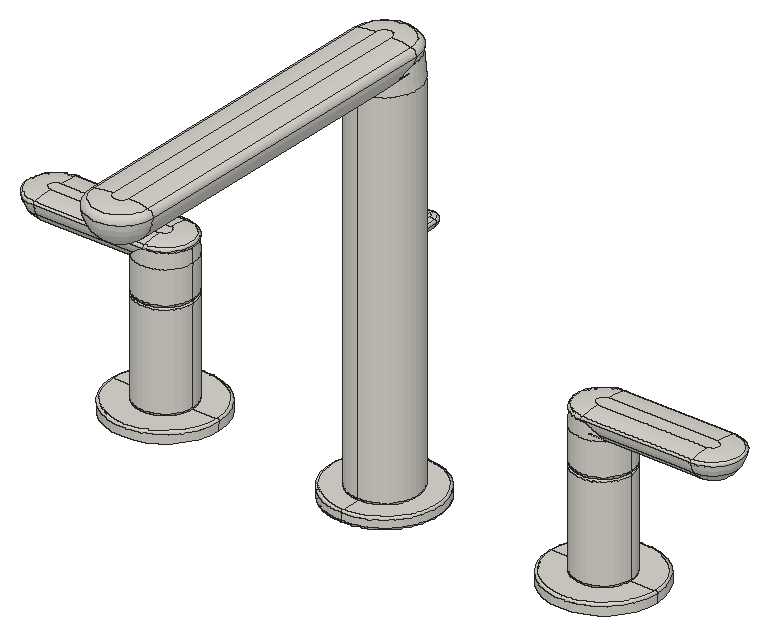
Revit family "Faucet-Deck_Mount-Bath-KALLISTA-002-P34120-1", category Plumbing Fixtures, host Face, Revit 2021
Family settings
  Host = Face
  Round Connector Dimension = Use Diameter
  Part Type = Normal
  OmniClass Number = 23.31.11.00
  OmniClass Title = Faucets
  Cut with Voids When Loaded = No
  Shared = No
  Room Calculation Point = No
Parameters (values of type "SN-Polished Nickel")
  Width [instance] = Faucet Hole Spacing  # 8"
  WaterSense Certified = 1 = 0  # no
  Waste Water Outlet = "Waste Water Outlet"  # constant formula
  Waste Connection = 1 = 0  # no
  Vent Connection = 1 = 0  # no
  URL = "https://www.kallista.com/"
  Type = 5
  Spout Reach = 5.35039"  # constant formula
  Product Page URL = "https://www.kallista.com/products/luxury-bathroom/faucets/sink-faucets/002-widespread-sink-faucet-tall-spout-lever-handles-p34120-lv/sn-polished-nickel"
  Product Name = "002"  # constant formula
  Product Documentation Link = "https://resources.kohler.com/interiors/kallista/pdf/P34120-LV_spec_US-CA_Kallista_en.pdf"
  Pressure = 0.00 psi
  Model = if(Type = 1, "P34120-LV-BAF", if(Type = 2, "P34120-LV-BL", if(Type = 3, "P34120-LV-BN", if(Type = 4, "P34120-LV-CP", if(Type = 5, "P34120-LV-SN", if(Type = 6, "P34120-LV-2MB", "NA"))))))  # "P34120-LV-SN"
  Material = "Premium Metal Construction"  # constant formula
  Master Format 2014 Name = "Residential Faucets, Supplies, and Trim"  # constant formula
  Master Format 2014 = "22 41 39"  # constant formula
  Manufacturer Address = "444 Highland Dr, Kohler, WI 53044"  # constant formula
  Manufacturer = "Kallista Co."  # constant formula
  Length = Spout Reach  # 5.35039"
  Hot Water Inlet = "Hot Water Inlet"  # constant formula
  Height = 7.54528"  # constant formula
  Handle Clearance = 2.50394"  # constant formula
  HW Connection = 1 = 1  # yes
  Flow Rate = 1.2 GPM  # constant formula
  Finish = Kallista-Metal-SN-Polished_Nickel
  Faucet Hole Spacing [instance] = 8"
  Environmental Product Declaration = ""
  Drain Included = 1 = 1  # yes
  Description = "Capsule Widespread Sink Faucet Tall"  # constant formula
  Default Elevation = 36"
  Declare Label = ""
  Date Modified = "12/31/2024"  # constant formula
  Date Created = "11/29/2023"  # constant formula
  Copyright = "Copyright Kallista Co."  # constant formula
  Contact Us = "https://www.kallista.com/corporate/contact-us/"
  Cold Water Inlet = "Cold Water Inlet"  # constant formula
  CW Connection = 1 = 1  # yes
  Assembly Code = "D2010"
  ADA Compliant = 1 = 0  # no
Types (7): name | Type | Product Page URL | Model | Finish
  (no name) | 5 | "https://www.kallista.com/products/luxury-bathroom/faucets/sink-faucets/002-widespread-sink-faucet-tall-spout-lever-handles-p34120-lv/sn-polished-nickel" | "P34120-LV-SN" | Kallista-Metal-SN-Polished_Nickel
  BAF-Brushed French Gold | 1 | "https://www.kallista.com/products/luxury-bathroom/faucets/sink-faucets/002-widespread-sink-faucet-tall-spout-lever-handles-p34120-lv/baf-brushed-french-gold" | "P34120-LV-BAF" | Kallista-Metal-BAF-Brushed_French_Gold
  BN-Brushed Nickel | 3 | "https://www.kallista.com/products/luxury-bathroom/faucets/sink-faucets/002-widespread-sink-faucet-tall-spout-lever-handles-p34120-lv/bn-brushed-nickel" | "P34120-LV-BN" | Kallista-Metal-BN-Brushed_Nickel
  BL-Matte Black | 2 | "https://www.kallista.com/products/luxury-bathroom/faucets/sink-faucets/002-widespread-sink-faucet-tall-spout-lever-handles-p34120-lv/bl-matte-black" | "P34120-LV-BL" | Kalista-Metal-BL-Matte_Black
  SN-Polished Nickel | 5 | "https://www.kallista.com/products/luxury-bathroom/faucets/sink-faucets/002-widespread-sink-faucet-tall-spout-lever-handles-p34120-lv/sn-polished-nickel" | "P34120-LV-SN" | Kallista-Metal-SN-Polished_Nickel
  CP-Chrome | 4 | "https://www.kallista.com/products/luxury-bathroom/faucets/sink-faucets/002-widespread-sink-faucet-tall-spout-lever-handles-p34120-lv/cp-chrome" | "P34120-LV-CP" | Kallista-Metal-CP-Chrome
  2MB-Brushed Brass | 6 | "" | "P34120-LV-2MB" | Kallista-Metal-2MB-Brushed_Brass
Reference planes (in)
  plane 1 "Center (Front/Back)": y = 0
  plane 2: z = 0
  plane 3 "Center (Left/Right)": x = 0
  plane 4: x = -4
  plane 5: x = 4
  plane 6: y = 0.98425
  plane 7: y = -0.98425
  plane 8: x = -6.50394
  plane 9: x = -3.01575
  plane 10: y = 0.50394
  plane 11: y = -0.50394
  plane 12: x = -0.98425
  plane 13: x = 0.98425
  plane 14: x = 0.60039
  plane 15: x = -0.60039
  plane 16: y = -6.59843
  plane 17: y = 1.13723
  plane 18: y = 0.60202
  plane 19: x = 3.01575
  plane 20: x = 6.50394
  plane 21: x = 4.98425
  plane 22: x = -4.98425
  plane 23: x = 4.50984
  plane 24: x = 3.49016
  plane 25: z = 2.94882
  plane 26: z = 2.43701
  plane 27: x = -3.49016
  plane 28: x = -4.50984
  plane 29: y = -5.35039
  plane 30: y = -0.60228
  plane 31: z = 4.17707
  plane 32: z = 7.54528
  plane 33: z = 6.87214
Dimensions and locks (in)
  "Width": plane 4 to plane 5
  equal spacing: plane 5, plane 3 "Center (Left/Right)", plane 4
  locked: plane 23 to plane 5 at 0.50984
  locked: plane 24 to plane 5 at 0.50984
  locked: plane 21 to plane 5 at 0.98425
  locked: plane 19 to plane 5 at 0.98425
  locked: plane 4 to plane 9 at 0.98425
  locked: plane 4 to plane 22 at 0.98425
  locked: plane 4 to plane 27 at 0.50984
  locked: plane 4 to plane 28 at 0.50984
  "Length": plane 1 "Center (Front/Back)" to plane 29
  "Handle Clearance": plane 8 to plane 4
  "Handle Clearance": plane 20 to plane 5
  plane 19 to plane 21 = 1.9685"
  plane 9 to plane 22 = 1.9685"
  plane 10 to plane 11 = 1.00787"
  plane 17 to plane 16 = 7.73566"
  plane 25 to plane 2 = 2.94882"
  plane 25 to plane 26 = 0.51181"
  plane 15 to plane 14 = 1.20079"
  plane 11 to plane 10 = 1.00787"  (x2)
  plane 27 to plane 28 = 1.01969"
  plane 24 to plane 23 = 1.01969"
  plane 31 to plane 2 = 4.17707"
  "Height": plane 32 to level
  level to plane 33 = 6.87214"
  aligned and locked: plane 2 to host face
  aligned and locked: level to host face
  aligned and locked: plane 3 "Center (Left/Right)" to nested 1
  aligned and locked: plane 1 "Center (Front/Back)" to nested 1
  aligned and locked: nested 2 to plane 4
  aligned and locked: plane 1 "Center (Front/Back)" to nested 2
  aligned and locked: plane 5 to nested 3
  aligned and locked: nested 3 to plane 1 "Center (Front/Back)"
  aligned and locked: plane 25 to nested 2
  aligned and locked: plane 8 to nested 2
  aligned and locked: plane 27 to nested 2
  aligned and locked: plane 28 to nested 2
  aligned and locked: plane 26 to nested 2
  aligned and locked: plane 9 to nested 2
  aligned and locked: plane 22 to nested 2
  aligned and locked: plane 20 to nested 3
  aligned and locked: plane 25 to nested 3
  aligned and locked: nested 3 to plane 19
  aligned and locked: plane 24 to nested 3
  aligned and locked: plane 23 to nested 3
  aligned and locked: plane 21 to nested 3
  aligned and locked: plane 13 to nested 1
  aligned and locked: plane 12 to nested 1
  aligned and locked: plane 29 to nested 1
  aligned and locked: plane 17 to nested 1
  aligned and locked: plane 6 to nested 2
  aligned and locked: plane 7 to nested 2
  aligned and locked: plane 11 to nested 2
  aligned and locked: plane 10 to nested 2
  aligned and locked: plane 18 to nested 1
  aligned and locked: plane 30 to nested 1
  aligned and locked: plane 32 to nested 1
  aligned and locked: plane 31 to nested 1
Automatic sketch dimensions
  host sketch curve to host sketch curve = 96"  (x2)
Nested families (in)
  nested 1: "P34120_Faucet" at (0, 0, -0.00012), type "P34120_Faucet"
  nested 2: "P34120_Handle" at (-4, 0, 0), type "P34120_Handle"
  nested 3: "P34120_Handle" at (4, 0, 0) x (-1, 0, 0) z (0, 0, 1), type "P34120_Handle"
Connectors (in)
  piping at (-4, 0, 0), diameter 0.5, driven by "Flow Rate", driven by "HW Connection", driven by "Hot Water Inlet"
    settings: on nested 2, index 1, connector inside diameter 24", connector length 0", flow factor 0, pipe flow 1.2 GPM, pressure drop 0.00 psi, fitting loss kfactor 0, connector angle 0.00°, fixture units 0, engagement length 0", angle of deflection 0.00°, flow configuration 1, flow direction 1, fitting loss method 0, system type 19, joint type 0, gender type 0, connector reference index -1, connector utility 1, adjustable connector no, is connector primary yes, connector description "Hot Water Inlet"
  piping at (4, 0, 0), diameter 0.5, driven by "Flow Rate", driven by "CW Connection", driven by "Cold Water Inlet"
    settings: on nested 3, index 2, connector inside diameter 24", connector length 0", flow factor 0, pipe flow 1.2 GPM, pressure drop 0.00 psi, fitting loss kfactor 0, connector angle 0.00°, fixture units 0, engagement length 0", angle of deflection 0.00°, flow configuration 1, flow direction 1, fitting loss method 0, system type 20, joint type 0, gender type 0, connector reference index -1, connector utility 1, adjustable connector no, is connector primary no, connector description "Cold Water Inlet"
Definition of nested family "P34120_Faucet"
  Parameters
    Material = none
    Default Elevation = 0"
  Reference planes (in)
    plane 1 "Center (Front/Back)": y = 0
    plane 2: z = 0
    plane 3 "Center (Left/Right)": x = 0
    plane 4: x = -0.60039
    plane 5: x = 0.60039
    plane 6: x = -0.98425
    plane 7: x = 0.98425
    plane 8: y = -6.59843
    plane 9: y = -5.35039
    plane 10: z = 6.87225
    plane 11: z = 7.54539
    plane 12: y = 1.13723
    plane 13: y = 0.60202
    plane 14: y = 0.60202
    plane 15: y = -0.60228
    plane 16: z = 4.17718
    plane 17: z = 0
  Forms (in)
    Revolve 1, solid, material <- "Material", detail levels medium+fine
      sketch origin (0, 0, 0) x (0, 1, 0) y (0, 0, 1)
        loop
          line (0.00224, 0.00027) -> (0.00224, 7.32078) -> (-0.56316, 7.32078)
          arc (-0.56316, 7.32078) -> (-0.58928, 7.083) -> (-0.598, 6.84395) r 3.28046
          line (-0.598, 6.84395) -> (-0.598, 0.21036)
          arc (-0.598, 0.21036) -> (-0.59173, 0.19522) -> (-0.57659, 0.18895) r 0.02141
          line (-0.57659, 0.18895) -> (-0.94418, 0.18898)
          arc (-0.94418, 0.18898) -> (-0.96955, 0.17847) -> (-0.98006, 0.1531) r 0.03588
          line (-0.98006, 0.1531) -> (-0.98006, 0.01996)
          arc (-0.98006, 0.01996) -> (-0.9743, 0.00604) -> (-0.96038, 0.00027) r 0.01969
          line (-0.96038, 0.00027) -> (0.00224, 0.00027)
        axis (0.00224, 0.00027) -> (0.00224, 7.32078)
      angle from 0 to 360
    Sweep 2, solid, material <- "Material", detail levels medium+fine
      path origin (0, 0, 2.99582) x (1, 0, 0) y (0, 1, 0)
        loop
          line (-0.60024, 0.00203) -> (-0.60024, -6.00096)
          arc (-0.60024, -6.00096) -> (0, -6.6012) -> (0.60024, -6.00096) r 0.60024
          line (0.60024, -6.00096) -> (0.60024, 0.00203)
          arc (0.60024, 0.00203) -> (0, 0.60227) -> (-0.60024, 0.00203) r 0.60024
      profile origin (-0.60024, -2.99946, 2.99582) x (1, 0, 0) y (0, 0, 1)
        loop
          arc (0.46416, 4.54078) -> (0.28796, 4.53071) -> (0.11406, 4.5006) r 1.5454
          arc (0.11406, 4.5006) -> (0.04325, 4.45334) -> (0.02119, 4.37111) r 0.12082
          arc (0.02119, 4.37111) -> (0.15203, 4.05253) -> (0.43672, 3.85871) r 0.5988
          arc (0.43672, 3.85871) -> (0.46399, 3.85233) -> (0.49193, 3.85019) r 0.18325
          line (0.49193, 3.85019) -> (0.53955, 3.85019) -> (0.53955, 4.54078) -> (0.46416, 4.54078)
    Extrusion 3, solid, material <- "Material", detail levels medium+fine
      sketch origin (0, 0, 0) x (1, 0, 0) y (0, 1, 0)
        loop
          line (-0.06069, 0.00203) -> (-0.06069, -6.00096)
          arc (-0.06069, -6.00096) -> (0, -6.06165) -> (0.06069, -6.00096) r 0.06069
          line (0.06069, -6.00096) -> (0.06069, 0.00203)
          arc (0.06069, 0.00203) -> (0, 0.06272) -> (-0.06069, 0.00203) r 0.06069
      from 6.84601 to 7.5366
    Extrusion 4, void
      sketch origin (0, 0, 2.99377) x (1, 0, 0) y (0, 0, 1)
        loop
          arc (0.23157, 2.50894) -> (0.00051, 2.74) -> (-0.23055, 2.50894) r 0.23106
          line (-0.23055, 2.50894) -> (-0.23055, 1.16838)
          arc (-0.23055, 1.16838) -> (0.00051, 0.93732) -> (0.23157, 1.16838) r 0.23106
          line (0.23157, 1.16838) -> (0.23157, 2.50894)
      from -0.9819 to -0.09864
    Sweep 5, solid, material <- "Material", detail levels medium+fine
      path origin (0, 0.00379, 2.95973) x (1, 0, 0) y (0, 1, 0)
        loop
          arc (0.21025, 0.92497) -> (-0.00147, 1.1367) -> (-0.2132, 0.92497) r 0.21172
          line (-0.2132, 0.92497) -> (-0.2132, 0.33446)
          arc (-0.2132, 0.33446) -> (-0.00147, 0.12273) -> (0.21025, 0.33446) r 0.21172
          line (0.21025, 0.33446) -> (0.21025, 0.92497)
      profile origin (-0.00147, 1.14049, 2.95973) x (0, 1, 0) y (0, 0, 1)
        loop
          line (-0.14995, 1.03553) -> (-0.11057, 1.03553)
          arc (-0.11057, 1.03553) -> (-0.09536, 1.03807) -> (-0.08179, 1.04539) r 0.04694
          arc (-0.08179, 1.04539) -> (-0.03771, 1.09181) -> (-0.00947, 1.14925) r 0.21231
          arc (-0.00947, 1.14925) -> (-0.01259, 1.18434) -> (-0.03969, 1.20684) r 0.04583
          arc (-0.03969, 1.20684) -> (-0.07789, 1.21555) -> (-0.11696, 1.21847) r 0.26259
          line (-0.11696, 1.21847) -> (-0.14995, 1.21847) -> (-0.14995, 1.03553)
    Extrusion 6, solid, material <- "Material", detail levels medium+fine
      sketch origin (0, -0.05773, 0) x (1, 0, 0) y (0, 1, 0)
        loop
          arc (0.0603, 0.98649) -> (-0.00147, 1.04826) -> (-0.06324, 0.98649) r 0.06177
          line (-0.06324, 0.98649) -> (-0.06324, 0.39513)
          arc (-0.06324, 0.39513) -> (-0.00147, 0.33336) -> (0.0603, 0.39513) r 0.06177
          line (0.0603, 0.39513) -> (0.0603, 0.98649)
      from 3.99526 to 4.17819
    Extrusion 7, void
      sketch origin (0, 0, 0) x (1, 0, 0) y (0, 1, 0)
        loop
          arc (0.27848, -4.9152) -> (0.22083, -4.77601) -> (0.08163, -4.71835) r 0.19685
          line (0.08163, -4.71835) -> (-0.08407, -4.71835)
          arc (-0.08407, -4.71835) -> (-0.22326, -4.77601) -> (-0.28092, -4.9152) r 0.19685
          line (-0.28092, -4.9152) -> (-0.28092, -5.78125)
          arc (-0.28092, -5.78125) -> (-0.22326, -5.92044) -> (-0.08407, -5.9781) r 0.19685
          line (-0.08407, -5.9781) -> (0.08163, -5.9781)
          arc (0.08163, -5.9781) -> (0.22083, -5.92044) -> (0.27848, -5.78125) r 0.19685
          line (0.27848, -5.78125) -> (0.27848, -4.9152)
      from 6.32613 to 7.18576
    Extrusion 8, solid, detail levels medium+fine
      sketch origin (0, 0, 0) x (1, 0, 0) y (0, 1, 0)
        loop
          line (-0.2674, -4.89845) -> (-0.2674, -5.79909)
          arc (-0.2674, -5.79909) -> (-0.2223, -5.90796) -> (-0.11343, -5.95306) r 0.15397
          line (-0.11343, -5.95306) -> (0.11435, -5.95306)
          arc (0.11435, -5.95306) -> (0.22255, -5.90824) -> (0.26737, -5.80004) r 0.15302
          line (0.26737, -5.80004) -> (0.26737, -4.89883)
          arc (0.26737, -4.89883) -> (0.22154, -4.78819) -> (0.1109, -4.74237) r 0.15647
          line (0.1109, -4.74237) -> (-0.11132, -4.74237)
          arc (-0.11132, -4.74237) -> (-0.22168, -4.78808) -> (-0.2674, -4.89845) r 0.15608
      from 6.75297 to 7.18576
    Extrusion 9, void
      sketch origin (0, 0, 2.99109) x (0, 1, 0) y (0, 0, 1)
        loop
          line (-4.91435, 3.91353) -> (-5.7901, 3.91353)
          arc (-5.7901, 3.91353) -> (-5.88598, 3.89722) -> (-5.97108, 3.85014) r 0.29005
          line (-5.97108, 3.85014) -> (-5.97108, 3.65337) -> (-4.72516, 3.65337) -> (-4.72516, 3.85022)
          arc (-4.72516, 3.85022) -> (-4.8146, 3.89728) -> (-4.91435, 3.91353) r 0.31434
      from -0.53735 to 0.77841
    Extrusion 10, void
      sketch origin (0, 0, 0) x (1, 0, 0) y (0, 1, 0)
        loop
          line (-0.16109, -4.99775) -> (-0.16109, -5.69779)
          arc (-0.16109, -5.69779) -> (-0.00072, -5.85817) -> (0.15965, -5.69779) r 0.16037
          line (0.15965, -5.69779) -> (0.15965, -4.99775)
          arc (0.15965, -4.99775) -> (-0.00072, -4.83738) -> (-0.16109, -4.99775) r 0.16037
        loop
          line (-0.14109, -4.99126) -> (-0.14109, -5.70268)
          arc (-0.14109, -5.70268) -> (-0.00134, -5.84242) -> (0.13841, -5.70268) r 0.13975
          line (0.13841, -5.70268) -> (0.13841, -4.99126)
          arc (0.13841, -4.99126) -> (-0.00134, -4.85151) -> (-0.14109, -4.99126) r 0.13975
      from 6.84601 to 7.18576
    Extrusion 11, void
      sketch origin (0, 0, 0) x (1, 0, 0) y (0, 1, 0)
        loop
          line (-0.09506, -4.95414) -> (-0.09506, -5.00169) -> (-0.0562, -5.00169) -> (-0.0562, -4.95414) -> (-0.09506, -4.95414)
        loop
          line (-0.09506, -5.01713) -> (-0.09506, -5.06468) -> (-0.0562, -5.06468) -> (-0.0562, -5.01713) -> (-0.09506, -5.01713)
        loop
          line (-0.09506, -5.08051) -> (-0.09506, -5.12807) -> (-0.0562, -5.12807) -> (-0.0562, -5.08051) -> (-0.09506, -5.08051)
        loop
          line (-0.09506, -5.1439) -> (-0.09506, -5.19146) -> (-0.0562, -5.19146) -> (-0.0562, -5.1439) -> (-0.09506, -5.1439)
        loop
          line (-0.09506, -5.20729) -> (-0.09506, -5.25484) -> (-0.0562, -5.25484) -> (-0.0562, -5.20729) -> (-0.09506, -5.20729)
        loop
          line (-0.09506, -5.27067) -> (-0.09506, -5.31823) -> (-0.0562, -5.31823) -> (-0.0562, -5.27067) -> (-0.09506, -5.27067)
        loop
          line (-0.09506, -5.33406) -> (-0.09506, -5.38161) -> (-0.0562, -5.38161) -> (-0.0562, -5.33406) -> (-0.09506, -5.33406)
        loop
          line (-0.09506, -5.39744) -> (-0.09506, -5.445) -> (-0.0562, -5.445) -> (-0.0562, -5.39744) -> (-0.09506, -5.39744)
        loop
          line (-0.09506, -5.46083) -> (-0.09506, -5.50839) -> (-0.0562, -5.50839) -> (-0.0562, -5.46083) -> (-0.09506, -5.46083)
        loop
          line (-0.09506, -5.52421) -> (-0.09506, -5.57177) -> (-0.0562, -5.57177) -> (-0.0562, -5.52421) -> (-0.09506, -5.52421)
        loop
          line (-0.09506, -5.5876) -> (-0.09506, -5.63516) -> (-0.0562, -5.63516) -> (-0.0562, -5.5876) -> (-0.09506, -5.5876)
        loop
          line (-0.09506, -5.65099) -> (-0.09506, -5.69854) -> (-0.0562, -5.69854) -> (-0.0562, -5.65099) -> (-0.09506, -5.65099)
        loop
          line (-0.09506, -5.71437) -> (-0.09506, -5.76193) -> (-0.0562, -5.76193) -> (-0.0562, -5.71437) -> (-0.09506, -5.71437)
        loop
          line (-0.00173, -4.95414) -> (-0.04058, -4.95414) -> (-0.04058, -5.00169) -> (-0.00173, -5.00169) -> (-0.00173, -4.95414)
        loop
          line (-0.00173, -5.01713) -> (-0.04058, -5.01713) -> (-0.04058, -5.06468) -> (-0.00173, -5.06468) -> (-0.00173, -5.01713)
        loop
          line (-0.00173, -5.08051) -> (-0.04058, -5.08051) -> (-0.04058, -5.12807) -> (-0.00173, -5.12807) -> (-0.00173, -5.08051)
        loop
          line (-0.00173, -5.1439) -> (-0.04058, -5.1439) -> (-0.04058, -5.19146) -> (-0.00173, -5.19146) -> (-0.00173, -5.1439)
        loop
          line (-0.00173, -5.20729) -> (-0.04058, -5.20729) -> (-0.04058, -5.25484) -> (-0.00173, -5.25484) -> (-0.00173, -5.20729)
        loop
          line (-0.00173, -5.27067) -> (-0.04058, -5.27067) -> (-0.04058, -5.31823) -> (-0.00173, -5.31823) -> (-0.00173, -5.27067)
        loop
          line (-0.00173, -5.33406) -> (-0.04058, -5.33406) -> (-0.04058, -5.38161) -> (-0.00173, -5.38161) -> (-0.00173, -5.33406)
        loop
          line (-0.00173, -5.39744) -> (-0.04058, -5.39744) -> (-0.04058, -5.445) -> (-0.00173, -5.445) -> (-0.00173, -5.39744)
        loop
          line (-0.00173, -5.46083) -> (-0.04058, -5.46083) -> (-0.04058, -5.50839) -> (-0.00173, -5.50839) -> (-0.00173, -5.46083)
        loop
          line (-0.00173, -5.52421) -> (-0.04058, -5.52421) -> (-0.04058, -5.57177) -> (-0.00173, -5.57177) -> (-0.00173, -5.52421)
        loop
          line (-0.00173, -5.5876) -> (-0.04058, -5.5876) -> (-0.04058, -5.63516) -> (-0.00173, -5.63516) -> (-0.00173, -5.5876)
        loop
          line (-0.00173, -5.65099) -> (-0.04058, -5.65099) -> (-0.04058, -5.69854) -> (-0.00173, -5.69854) -> (-0.00173, -5.65099)
        loop
          line (-0.00173, -5.71437) -> (-0.04058, -5.71437) -> (-0.04058, -5.76193) -> (-0.00173, -5.76193) -> (-0.00173, -5.71437)
        loop
          line (0.01449, -4.95414) -> (0.01449, -5.00169) -> (0.05335, -5.00169) -> (0.05335, -4.95414) -> (0.01449, -4.95414)
        loop
          line (0.01449, -5.01713) -> (0.01449, -5.06468) -> (0.05335, -5.06468) -> (0.05335, -5.01713) -> (0.01449, -5.01713)
        loop
          line (0.01449, -5.08051) -> (0.01449, -5.12807) -> (0.05335, -5.12807) -> (0.05335, -5.08051) -> (0.01449, -5.08051)
        loop
          line (0.01449, -5.1439) -> (0.01449, -5.19146) -> (0.05335, -5.19146) -> (0.05335, -5.1439) -> (0.01449, -5.1439)
        loop
          line (0.01449, -5.20729) -> (0.01449, -5.25484) -> (0.05335, -5.25484) -> (0.05335, -5.20729) -> (0.01449, -5.20729)
        loop
          line (0.01449, -5.27067) -> (0.01449, -5.31823) -> (0.05335, -5.31823) -> (0.05335, -5.27067) -> (0.01449, -5.27067)
        loop
          line (0.01449, -5.33406) -> (0.01449, -5.38161) -> (0.05335, -5.38161) -> (0.05335, -5.33406) -> (0.01449, -5.33406)
        loop
          line (0.01449, -5.39744) -> (0.01449, -5.445) -> (0.05335, -5.445) -> (0.05335, -5.39744) -> (0.01449, -5.39744)
        loop
          line (0.01449, -5.46083) -> (0.01449, -5.50839) -> (0.05335, -5.50839) -> (0.05335, -5.46083) -> (0.01449, -5.46083)
        loop
          line (0.01449, -5.52421) -> (0.01449, -5.57177) -> (0.05335, -5.57177) -> (0.05335, -5.52421) -> (0.01449, -5.52421)
        loop
          line (0.01449, -5.5876) -> (0.01449, -5.63516) -> (0.05335, -5.63516) -> (0.05335, -5.5876) -> (0.01449, -5.5876)
        loop
          line (0.01449, -5.65099) -> (0.01449, -5.69854) -> (0.05335, -5.69854) -> (0.05335, -5.65099) -> (0.01449, -5.65099)
        loop
          line (0.01449, -5.71437) -> (0.01449, -5.76193) -> (0.05335, -5.76193) -> (0.05335, -5.71437) -> (0.01449, -5.71437)
      from 6.64446 to 7.18576
    Extrusion 12, solid, material <- "Material", detail levels coarse
      sketch origin (0, 0, 0) x (1, 0, 0) y (0, 1, 0)
        loop
          line (-0.60024, 0.00203) -> (-0.60024, -6.00096)
          arc (-0.60024, -6.00096) -> (0, -6.6012) -> (0.60024, -6.00096) r 0.60024
          line (0.60024, -6.00096) -> (0.60024, 0.00203)
          arc (0.60024, 0.00203) -> (0, 0.60227) -> (-0.60024, 0.00203) r 0.60024
      from 6.86411 to 7.54053
    Revolve 13, solid, material <- "Material", detail levels coarse
      sketch origin (0, 0, 0) x (0, 1, 0) y (0, 0, 1)
        loop
          line (0.00224, 0.00027) -> (0.00224, 7.32078) -> (-0.56316, 7.32078)
          arc (-0.56316, 7.32078) -> (-0.58928, 7.083) -> (-0.598, 6.84395) r 3.28046
          line (-0.598, 6.84395) -> (-0.598, 0.21036)
          arc (-0.598, 0.21036) -> (-0.59173, 0.19522) -> (-0.57659, 0.18895) r 0.02141
          line (-0.57659, 0.18895) -> (-0.94418, 0.18898)
          arc (-0.94418, 0.18898) -> (-0.96955, 0.17847) -> (-0.98006, 0.1531) r 0.03588
          line (-0.98006, 0.1531) -> (-0.98006, 0.01996)
          arc (-0.98006, 0.01996) -> (-0.9743, 0.00604) -> (-0.96038, 0.00027) r 0.01969
          line (-0.96038, 0.00027) -> (0.00224, 0.00027)
        axis (0.00224, 0.00027) -> (0.00224, 7.32078)
      angle from 0 to 360
    Extrusion 14, solid, material <- "Material", detail levels coarse
      sketch origin (0, -0.05773, 0) x (1, 0, 0) y (0, 1, 0)
        loop
          arc (0.21257, 0.97792) -> (0.00084, 1.18964) -> (-0.21088, 0.97792) r 0.21172
          line (-0.21088, 0.97792) -> (-0.21088, 0.40372)
          arc (-0.21088, 0.40372) -> (0.00084, 0.19199) -> (0.21257, 0.40372) r 0.21172
          line (0.21257, 0.40372) -> (0.21257, 0.97792)
      from 3.94444 to 4.18323
  Cuts and joins
    Extrusion 7 cuts Sweep 2
    Extrusion 7 cuts Extrusion 3
    joined: Sweep 2, Extrusion 3
    Extrusion 9, Extrusion 10, Extrusion 11 cuts Extrusion 8
    Extrusion 4 cuts Revolve 1
    Extrusion 4 cuts Revolve 13
    joined: Sweep 5, Extrusion 6
  Lines and regions (in)
    Masking region 1
      outline origin (0, 0, 0) x (1, 0, 0) y (0, 1, 0)
        loop
          arc (-0.20799, 0.96448) -> (-0.66035, 0.73616) -> (-0.93917, 0.31307) r 0.98425
          arc (-0.93917, 0.31307) -> (-0.97292, 0.16611) -> (-0.98425, 0.01575) r 1.00306
          line (-0.98425, 0.01575) -> (-0.98425, -0.01575)
          arc (-0.98425, -0.01575) -> (-0.97536, -0.14901) -> (-0.94885, -0.27991) r 1.00336
          arc (-0.94885, -0.27991) -> (-0.81471, -0.5592) -> (-0.60039, -0.78295) r 0.98425
          line (-0.60039, -0.78295) -> (-0.60039, -6.00787)
          arc (-0.60039, -6.00787) -> (-0.4677, -6.38085) -> (-0.12926, -6.58622) r 0.59055
          arc (-0.12926, -6.58622) -> (-0.0767, -6.59467) -> (-0.0236, -6.59843) r 0.6006
          line (-0.0236, -6.59843) -> (0.02758, -6.59843)
          arc (0.02758, -6.59843) -> (0.07773, -6.59458) -> (0.12739, -6.58661) r 0.60954
          arc (0.12739, -6.58661) -> (0.4671, -6.38159) -> (0.60039, -6.00787) r 0.59055
          line (0.60039, -6.00787) -> (0.60039, -0.78295)
          arc (0.60039, -0.78295) -> (0.81471, -0.5592) -> (0.94885, -0.27991) r 0.98425
          arc (0.94885, -0.27991) -> (0.97536, -0.14901) -> (0.98425, -0.01575) r 1.00336
          line (0.98425, -0.01575) -> (0.98425, 0.01575)
          arc (0.98425, 0.01575) -> (0.97292, 0.16611) -> (0.93917, 0.31307) r 1.00306
          arc (0.93917, 0.31307) -> (0.66095, 0.73562) -> (0.20958, 0.96415) r 0.98425
          arc (0.20958, 0.96415) -> (0.1736, 1.05015) -> (0.10422, 1.11241) r 0.21204
          arc (0.10422, 1.11241) -> (0.06145, 1.13007) -> (0.01575, 1.13723) r 0.19638
          line (0.01575, 1.13723) -> (-0.01575, 1.13723)
          arc (-0.01575, 1.13723) -> (-0.0489, 1.13308) -> (-0.08077, 1.12306) r 0.18582
          arc (-0.08077, 1.12306) -> (-0.16463, 1.06001) -> (-0.20799, 0.96448) r 0.21204
    Masking region 2
      outline origin (0, 0, 0) x (0, 1, 0) y (0, 0, 1)
        loop
          line (0, 7.54539) -> (-6.03751, 7.54539)
          arc (-6.03751, 7.54539) -> (-6.30515, 7.52864) -> (-6.56862, 7.47863) r 2.14605
          arc (-6.56862, 7.47863) -> (-6.5901, 7.46455) -> (-6.59843, 7.44026) r 0.03961
          line (-6.59843, 7.44026) -> (-6.59843, 7.40934)
          arc (-6.59843, 7.40934) -> (-6.43141, 7.00613) -> (-6.0282, 6.83912) r 0.57022
          arc (-6.0282, 6.83912) -> (-6.00959, 6.84667) -> (-5.98993, 6.85082) r 0.11327
          arc (-5.98993, 6.85082) -> (-5.97418, 6.86477) -> (-5.95662, 6.87636) r 0.14845
          line (-5.95662, 6.87636) -> (-5.93156, 6.8513) -> (-5.85694, 6.8513)
          arc (-5.85694, 6.8513) -> (-5.80578, 6.86236) -> (-5.75439, 6.87225) r 2.31133
          line (-5.75439, 6.87225) -> (-4.93191, 6.87225)
          arc (-4.93191, 6.87225) -> (-4.88052, 6.86236) -> (-4.82936, 6.8513) r 2.31133
          line (-4.82936, 6.8513) -> (-4.76922, 6.8513) -> (-4.74417, 6.87636)
          arc (-4.74417, 6.87636) -> (-4.72661, 6.86477) -> (-4.71085, 6.85082) r 0.14845
          arc (-4.71085, 6.85082) -> (-4.6912, 6.84667) -> (-4.67258, 6.83912) r 0.11327
          line (-4.67258, 6.83912) -> (-1.29437, 6.83912)
          arc (-1.29437, 6.83912) -> (-0.80499, 6.63641) -> (-0.60228, 6.14703) r 0.69209
          line (-0.60228, 6.14703) -> (-0.60228, 0.21127)
          arc (-0.60228, 0.21127) -> (-0.59684, 0.19626) -> (-0.58304, 0.18822) r 0.02343
          line (-0.58304, 0.18822) -> (-0.94744, 0.18822)
          arc (-0.94744, 0.18822) -> (-0.97385, 0.17728) -> (-0.98479, 0.15087) r 0.03735
          line (-0.98479, 0.15087) -> (-0.98479, 0.02852)
          arc (-0.98479, 0.02852) -> (-0.97644, 0.00835) -> (-0.95627, 0) r 0.02852
          line (-0.95627, 0) -> (0.95627, 0)
          arc (0.95627, 0) -> (0.97644, 0.00835) -> (0.98479, 0.02852) r 0.02852
          line (0.98479, 0.02852) -> (0.98479, 0.14885)
          arc (0.98479, 0.14885) -> (0.97326, 0.17669) -> (0.94542, 0.18822) r 0.03937
          line (0.94542, 0.18822) -> (0.58278, 0.18822)
          arc (0.58278, 0.18822) -> (0.59658, 0.19626) -> (0.60202, 0.21127) r 0.02343
          line (0.60202, 0.21127) -> (0.60202, 3.84001)
          arc (0.60202, 3.84001) -> (0.59982, 3.85982) -> (0.59334, 3.87867) r 0.09043
          arc (0.59334, 3.87867) -> (0.57677, 3.91597) -> (0.56201, 3.95401) r 0.85595
          line (0.56201, 3.95401) -> (0.88292, 3.95401) -> (0.92456, 3.95401)
          arc (0.92456, 3.95401) -> (1.05399, 3.99451) -> (1.13723, 4.10158) r 0.22703
          line (1.13723, 4.10158) -> (1.13723, 4.13308)
          arc (1.13723, 4.13308) -> (1.13223, 4.14735) -> (1.1194, 4.15536) r 0.02283
          arc (1.1194, 4.15536) -> (1.02158, 4.17171) -> (0.92255, 4.17718) r 0.89871
          line (0.92255, 4.17718) -> (0.53311, 4.17718) -> (0.53311, 5.44596)
          arc (0.53311, 5.44596) -> (0.54077, 5.53928) -> (0.56356, 5.63011) r 0.57191
          arc (0.56356, 5.63011) -> (0.57701, 5.6663) -> (0.59244, 5.7017) r 0.69537
          arc (0.59244, 5.7017) -> (0.5996, 5.72266) -> (0.60202, 5.74467) r 0.10113
          line (0.60202, 5.74467) -> (0.60202, 7.4387)
          arc (0.60202, 7.4387) -> (0.59301, 7.46458) -> (0.56988, 7.47928) r 0.04169
          arc (0.56988, 7.47928) -> (0.28685, 7.52881) -> (0, 7.54539) r 2.48926
    Masking region 3
      outline origin (0, 0, 0) x (1, 0, 0) y (0, 0, 1)
        loop
          arc (-0.60039, 0.21267) -> (-0.59336, 0.19569) -> (-0.57637, 0.18865) r 0.02402
          line (-0.57637, 0.18865) -> (-0.94661, 0.18865)
          arc (-0.94661, 0.18865) -> (-0.97323, 0.17763) -> (-0.98425, 0.15101) r 0.03764
          line (-0.98425, 0.15101) -> (-0.98425, 0.02501)
          arc (-0.98425, 0.02501) -> (-0.97693, 0.00733) -> (-0.95924, 0) r 0.02501
          line (-0.95924, 0) -> (0.95924, 0)
          arc (0.95924, 0) -> (0.97693, 0.00733) -> (0.98425, 0.02501) r 0.02501
          line (0.98425, 0.02501) -> (0.98425, 0.15101)
          arc (0.98425, 0.15101) -> (0.97323, 0.17763) -> (0.94661, 0.18865) r 0.03764
          line (0.94661, 0.18865) -> (0.57637, 0.18865)
          arc (0.57637, 0.18865) -> (0.59336, 0.19569) -> (0.60039, 0.21267) r 0.02402
          line (0.60039, 0.21267) -> (0.60039, 7.38342)
          arc (0.60039, 7.38342) -> (0.58115, 7.42873) -> (0.54538, 7.46257) r 0.12049
          arc (0.54538, 7.46257) -> (0.48983, 7.49053) -> (0.43033, 7.50864) r 0.36421
          arc (0.43033, 7.50864) -> (0.25689, 7.53618) -> (0.08151, 7.54539) r 1.67374
          line (0.08151, 7.54539) -> (-0.08151, 7.54539)
          arc (-0.08151, 7.54539) -> (-0.25689, 7.53618) -> (-0.43033, 7.50864) r 1.67374
          arc (-0.43033, 7.50864) -> (-0.48983, 7.49053) -> (-0.54538, 7.46257) r 0.36421
          arc (-0.54538, 7.46257) -> (-0.58115, 7.42873) -> (-0.60039, 7.38342) r 0.12049
          line (-0.60039, 7.38342) -> (-0.60039, 0.21267)
    symbolic lines, detail levels medium+fine
      curve 1: line (-0.60039, -0.78295, 0) -> (-0.60039, 0.00163, 0)
      curve 2: line (0.60039, -0.78295, 0) -> (0.60039, 0.00163, 0)
      curve 3: arc (-0.60039, 0.00163, 0) -> (0, 0.60202, 0) -> (0.60039, 0.00163, 0) r 0.60039
      curve 4: line (-0.2103, 0.94763, 0) -> (-0.2103, 0.56399, 0)
      curve 5: arc (-0.20799, 0.96448, 0) -> (-0.20931, 0.95608, 0) -> (-0.2103, 0.94763, 0) r 0.21204
      curve 6: line (0.21188, 0.9473, 0) -> (0.21188, 0.56339, 0)
      curve 7: arc (0.20958, 0.96415, 0) -> (0.2109, 0.95575, 0) -> (0.21188, 0.9473, 0) r 0.21204
      curve 8: arc (0.60039, -0.73003, 0) -> (0.92008, 0.21649, 0) -> (0.21188, 0.92115, 0) r 0.94521
      curve 9: arc (-0.2103, 0.92152, 0) -> (-0.91989, 0.21728, 0) -> (-0.60039, -0.73003, 0) r 0.94521
      curve 10: line (-0.57021, -0.0005, 0) -> (-0.57021, -5.9963, 0)
      curve 11: line (0.57021, -0.0005, 0) -> (0.57021, -5.9963, 0)
      curve 12: arc (0.57021, -0.0005, 0) -> (0, 0.56971, 0) -> (-0.57021, -0.0005, 0) r 0.57021
      curve 13: arc (-0.57021, -5.9963, 0) -> (0, -6.56651, 0) -> (0.57021, -5.9963, 0) r 0.57021
      curve 14: line (-0.19557, 0.92375, 0) -> (-0.19557, 0.56928, 0)
      curve 15: line (0.19608, 0.92375, 0) -> (0.19608, 0.5691, 0)
      curve 16: arc (0.19608, 0.92375, 0) -> (0.00026, 1.11957, 0) -> (-0.19557, 0.92375, 0) r 0.19583
      curve 17: line (-0.57021, 0, 0) -> (0.57021, 0, 0)
      curve 18: line (-0.2103, 0.92375, 0) -> (0.21188, 0.92375, 0)
      curve 19: line (-0.60039, -6.00787, 0) -> (0.60039, -6.00787, 0)
      curve 20: line (-0.57637, 0, 0.18865) -> (0.57637, 0, 0.18865)
      curve 21: line (-0.60039, 0, 0.21452) -> (0.60039, 0, 0.21452)
      curve 22: line (0.98425, 0, 0.15136) -> (-0.98425, 0, 0.15136)
      curve 23: line (-0.98425, 0, 0.02494) -> (0.98425, 0, 0.02494)
      curve 24: line (0, -0.60228, 0.21127) -> (0, 0.60202, 0.21127)
      curve 25: line (0, 0.98479, 0.15126) -> (0, -0.98479, 0.15126)
      curve 26: line (0, 0, 6.15607) -> (0, 0, 0.21127)
      curve 27: line (0, 0.58278, 0.18822) -> (0, -0.58304, 0.18822)
      curve 28: line (0, 0.56988, 7.47928) -> (0, -6.56862, 7.47863)
      curve 29: line (0, -6.59843, 7.44026) -> (0, 0.60202, 7.4387)
      curve 30: arc (0, -4.91252, 6.92079) -> (0, -5.35753, 6.93602) -> (0, -5.80255, 6.92079) r 6.50957
      curve 31: arc (0, -4.74417, 6.87636) -> (0, -4.82623, 6.90658) -> (0, -4.91252, 6.92079) r 0.46188
      curve 32: arc (0, -5.80255, 6.92079) -> (0, -5.88195, 6.90678) -> (0, -5.95662, 6.87636) r 0.38045
      curve 33: arc (0, 0, 6.15607) -> (0, -0.37579, 7.06331) -> (0, -1.28304, 7.43911) r 1.28304
      curve 34: line (0, -0.60228, 6.14703) -> (0, 0, 6.14703)
      curve 35: line (0, -5.98993, 6.85082) -> (0, -5.98993, 7.54539)
      curve 36: line (0, -1.28304, 7.43911) -> (0, -1.28304, 6.83903)
      curve 37: arc (0, 0.56201, 3.95401) -> (0, 0.54063, 4.0647) -> (0, 0.53311, 4.17718) r 0.90956
      curve 38: line (0, 1.1194, 4.15536) -> (0, 0.53347, 4.15536)
      curve 39: line (0, 1.13723, 4.13308) -> (0, 0.53439, 4.13308)
      curve 40: line (0, 0.92255, 4.17718) -> (0, 0.92255, 3.95401)
      curve 41: line (-0.60039, 0, 0.21452) -> (-0.60039, 0, 7.38342)
      curve 42: line (-0.57637, 0, 0.18865) -> (-0.94661, 0, 0.18865)
      curve 43: line (-0.98425, 0, 0.02494) -> (-0.98425, 0, 0.15136)
      curve 44: arc (-0.94661, 0, 0.18865) -> (-0.97323, 0, 0.17763) -> (-0.98425, 0, 0.15101) r 0.03764
      curve 45: arc (-0.95924, 0, 0) -> (-0.97693, 0, 0.00733) -> (-0.98425, 0, 0.02501) r 0.02501
      curve 46: arc (-0.57637, 0, 0.18865) -> (-0.59336, 0, 0.19569) -> (-0.60039, 0, 0.21267) r 0.02402
      curve 47: line (-0.08151, 0, 7.54539) -> (0.01575, 0, 7.54539)
      curve 48: arc (-0.43033, 0, 7.50864) -> (-0.25689, 0, 7.53618) -> (-0.08151, 0, 7.54539) r 1.67374
      curve 49: arc (-0.54538, 0, 7.46257) -> (-0.48983, 0, 7.49053) -> (-0.43033, 0, 7.50864) r 0.36421
      curve 50: arc (-0.60039, 0, 7.38342) -> (-0.58115, 0, 7.42873) -> (-0.54538, 0, 7.46257) r 0.12049
      curve 51: line (0.60039, 0, 0.21452) -> (0.60039, 0, 7.38342)
      curve 52: line (0.57637, 0, 0.18865) -> (0.94661, 0, 0.18865)
      curve 53: line (0.98425, 0, 0.02494) -> (0.98425, 0, 0.15136)
      curve 54: arc (0.94661, 0, 0.18865) -> (0.97323, 0, 0.17763) -> (0.98425, 0, 0.15101) r 0.03764
      curve 55: arc (0.95924, 0, 0) -> (0.97693, 0, 0.00733) -> (0.98425, 0, 0.02501) r 0.02501
      curve 56: arc (0.57637, 0, 0.18865) -> (0.59336, 0, 0.19569) -> (0.60039, 0, 0.21267) r 0.02402
      curve 57: arc (0.43033, 0, 7.50864) -> (0.25689, 0, 7.53618) -> (0.08151, 0, 7.54539) r 1.67374
      curve 58: arc (0.54538, 0, 7.46257) -> (0.48983, 0, 7.49053) -> (0.43033, 0, 7.50864) r 0.36421
      curve 59: arc (0.60039, 0, 7.38342) -> (0.58115, 0, 7.42873) -> (0.54538, 0, 7.46257) r 0.12049
      curve 60: line (-0.54538, 0, 7.46257) -> (0.54538, 0, 7.46257)
      curve 61: line (-0.10831, 0, 6.84601) -> (0.10831, 0, 6.84601)
      curve 62: arc (0.10831, 0, 6.84601) -> (0.25565, 0, 6.87868) -> (0.37536, 0, 6.97056) r 0.34856
      curve 63: arc (0.37536, 0, 6.97056) -> (0.50848, 0, 7.16576) -> (0.60039, 0, 7.38342) r 1.1896
      curve 64: arc (-0.3936, 0, 6.98386) -> (-0.26673, 0, 6.88228) -> (-0.10831, 0, 6.84601) r 0.36412
      curve 65: arc (-0.60039, 0, 7.38342) -> (-0.51633, 0, 7.17363) -> (-0.3936, 0, 6.98386) r 1.17325
  Dimensions and locks (in)
    plane 4 to plane 5 = 1.20079"
    plane 6 to plane 7 = 1.9685"
    plane 10 to level = 6.87225"
    plane 1 "Center (Front/Back)" to plane 8 = 6.59843"
    plane 1 "Center (Front/Back)" to plane 9 = 5.35039"
    plane 11 to level = 7.54539"
    plane 12 to plane 8 = 7.73566"
    aligned and locked: plane 2 to level
    aligned and locked: plane 12 to Masking region 1 sketch curve
    aligned and locked: plane 8 to Masking region 1 sketch curve
    aligned and locked: Masking region 1 sketch curve to plane 4
    aligned and locked: plane 5 to Masking region 1 sketch curve
    aligned and locked: Masking region 1 sketch curve to plane 6
    aligned and locked: Masking region 2 sketch curve to plane 14  (x2)
    aligned and locked: plane 15 to Masking region 2 sketch curve
    aligned and locked: plane 10 to Masking region 2
Definition of nested family "P34120_Handle"
  Parameters
    Material = none
    Default Elevation = 0"
  Reference planes (in)
    plane 1 "Center (Front/Back)": y = 0
    plane 2: z = 0
    plane 3 "Center (Left/Right)": x = 0
    plane 4: x = -2.50394
    plane 5: y = 0.98425
    plane 6: y = -0.98425
    plane 7: x = -0.98425
    plane 8: x = 0.98425
    plane 9: y = -0.50394
    plane 10: y = 0.50394
    plane 11: z = 2.94882
    plane 12: z = 2.43701
    plane 13: x = -0.50984
    plane 14: x = 0.50984
  Forms (in)
    Revolve 1, solid, material <- "Material", detail levels medium+fine
      sketch origin (0, 0, 0) x (1, 0, 0) y (0, 0, 1)
        loop
          line (0, 0) -> (0, 2.04507) -> (-0.43834, 2.04507) -> (-0.43834, 1.95841)
          arc (-0.43834, 1.95841) -> (-0.4443, 1.94402) -> (-0.45869, 1.93806) r 0.02035
          line (-0.45869, 1.93806) -> (-0.48988, 1.93806)
          arc (-0.48988, 1.93806) -> (-0.504, 1.93222) -> (-0.50984, 1.9181) r 0.01996
          line (-0.50984, 1.9181) -> (-0.50984, 0.21319)
          arc (-0.50984, 0.21319) -> (-0.50548, 0.19856) -> (-0.49383, 0.18871) r 0.02671
          line (-0.49383, 0.18871) -> (-0.94377, 0.18871)
          arc (-0.94377, 0.18871) -> (-0.9724, 0.17686) -> (-0.98425, 0.14824) r 0.04048
          line (-0.98425, 0.14824) -> (-0.98425, 0) -> (0, 0)
        axis (0, 2.04507) -> (0, 0)
      angle from 0 to 360
    Sweep 2, solid, material <- "Material", detail levels medium+fine
      path origin (0, 0, 0) x (1, 0, 0) y (0, 1, 0)
        loop
          arc (-1.99905, 0.50394) -> (-2.50299, 0) -> (-1.99905, -0.50394) r 0.50394
          line (-1.99905, -0.50394) -> (0.00365, -0.50394)
          arc (0.00365, -0.50394) -> (0.50759, 0) -> (0.00365, 0.50394) r 0.50394
          line (0.00365, 0.50394) -> (-1.99905, 0.50394)
      profile origin (-0.9977, 0.50394, 0) x (0, 1, 0) y (0, 0, 1)
        loop
          arc (-0.07473, 2.6702) -> (-0.02779, 2.76265) -> (-0.0007, 2.86272) r 0.50531
          arc (-0.0007, 2.86272) -> (-0.00724, 2.89209) -> (-0.03223, 2.90885) r 0.04051
          arc (-0.03223, 2.90885) -> (-0.20937, 2.93702) -> (-0.38848, 2.94645) r 1.70688
          line (-0.38848, 2.94645) -> (-0.46934, 2.94645) -> (-0.46934, 2.46934) -> (-0.38697, 2.46934)
          arc (-0.38697, 2.46934) -> (-0.30868, 2.48021) -> (-0.2363, 2.51198) r 0.28749
          arc (-0.2363, 2.51198) -> (-0.14665, 2.58204) -> (-0.07473, 2.6702) r 0.51061
    Extrusion 3, solid, material <- "Material", detail levels medium+fine
      sketch origin (0, 0, 0) x (1, 0, 0) y (0, 1, 0)
        loop
          arc (-1.99905, 0.03459) -> (-2.03364, 0) -> (-1.99905, -0.03459) r 0.03459
          line (-1.99905, -0.03459) -> (0.00365, -0.03459)
          arc (0.00365, -0.03459) -> (0.03824, 0) -> (0.00365, 0.03459) r 0.03459
          line (0.00365, 0.03459) -> (-1.99905, 0.03459)
      from 2.46934 to 2.94645
    Revolve 4, solid, material <- "Material", detail levels medium+fine
      sketch origin (0, 0, 0) x (1, 0, 0) y (0, 0, 1)
        loop
          line (0.50967, 1.98772) -> (0.50967, 2.57827)
          arc (0.50967, 2.57827) -> (0.50746, 2.72168) -> (0.50083, 2.86495) r 4.65156
          line (0.50083, 2.86495) -> (0, 2.86495) -> (0, 1.9631) -> (0.48504, 1.9631)
          arc (0.48504, 1.9631) -> (0.50246, 1.97031) -> (0.50967, 1.98772) r 0.02462
        axis (0, 1.9631) -> (0, 2.86495)
      angle from 0 to 360
    Extrusion 5, solid, material <- "Material"
      sketch origin (0, 0, 0) x (1, 0, 0) y (0, 1, 0)
        loop
          circle (0, 0) r 0.07874
      from 0 to 0.03646
    Extrusion 6, solid, material <- "Material", detail levels coarse
      sketch origin (0, 0, 0) x (1, 0, 0) y (0, 1, 0)
        loop
          arc (-1.99905, 0.50394) -> (-2.50299, 0) -> (-1.99905, -0.50394) r 0.50394
          line (-1.99905, -0.50394) -> (0.00365, -0.50394)
          arc (0.00365, -0.50394) -> (0.50759, 0) -> (0.00365, 0.50394) r 0.50394
          line (0.00365, 0.50394) -> (-1.99905, 0.50394)
      from 2.46977 to 2.94614
    Revolve 7, solid, material <- "Material", detail levels coarse
      sketch origin (0, 0, 0) x (1, 0, 0) y (0, 0, 1)
        loop
          line (0, 0) -> (0, 2.74142) -> (-0.41703, 2.74142)
          arc (-0.41703, 2.74142) -> (-0.48616, 2.5894) -> (-0.50984, 2.42409) r 0.5889
          line (-0.50984, 2.42409) -> (-0.50984, 1.96335) -> (-0.43834, 1.96335) -> (-0.39272, 1.93806) -> (-0.50984, 1.93806) -> (-0.50984, 0.18871) -> (-0.98425, 0.18871) -> (-0.98425, 0) -> (0, 0)
        axis (0, 2.74142) -> (0, 0)
      angle from 0 to 360
  Cuts and joins
    joined: Sweep 2, Extrusion 3
  Lines and regions (in)
    Masking region 1
      outline origin (0, 0, 0) x (1, 0, 0) y (0, 1, 0)
        loop
          arc (-0.20057, 0.9636) -> (-0.57128, 0.80149) -> (-0.84546, 0.50394) r 0.98425
          line (-0.84546, 0.50394) -> (-2.0018, 0.50394)
          arc (-2.0018, 0.50394) -> (-2.3336, 0.3793) -> (-2.50126, 0.06703) r 0.50394
          arc (-2.50126, 0.06703) -> (-2.50327, 0.04142) -> (-2.50394, 0.01575) r 0.49282
          line (-2.50394, 0.01575) -> (-2.50394, -0.01514)
          arc (-2.50394, -0.01514) -> (-2.50083, -0.06734) -> (-2.49154, -0.1188) r 0.43945
          arc (-2.49154, -0.1188) -> (-2.31332, -0.39612) -> (-2.0018, -0.50394) r 0.50394
          line (-2.0018, -0.50394) -> (-0.84546, -0.50394)
          arc (-0.84546, -0.50394) -> (-0.54291, -0.82098) -> (-0.13273, -0.97526) r 0.98425
          arc (-0.13273, -0.97526) -> (-0.07742, -0.982) -> (-0.02175, -0.98425) r 0.68944
          line (-0.02175, -0.98425) -> (0.01276, -0.98425)
          arc (0.01276, -0.98425) -> (0.11651, -0.97807) -> (0.21879, -0.95963) r 0.87416
          arc (0.21879, -0.95963) -> (0.72669, -0.66384) -> (0.97545, -0.13133) r 0.98425
          arc (0.97545, -0.13133) -> (0.98205, -0.0655) -> (0.98425, 0.00062) r 0.99358
          line (0.98425, 0.00062) -> (0.98425, 0.03212)
          arc (0.98425, 0.03212) -> (0.97886, 0.119) -> (0.96276, 0.20454) r 0.70251
          arc (0.96276, 0.20454) -> (0.72417, 0.66658) -> (0.28343, 0.94256) r 0.98425
          arc (0.28343, 0.94256) -> (0.15284, 0.97376) -> (0.01899, 0.98425) r 0.8595
          line (0.01899, 0.98425) -> (-0.01251, 0.98425)
          arc (-0.01251, 0.98425) -> (-0.1071, 0.97907) -> (-0.20057, 0.9636) r 0.86656
    Masking region 2
      outline origin (0, 0, 0) x (1, 0, 0) y (0, 0, 1)
        loop
          line (-1.99936, 2.43701) -> (-0.84884, 2.43701)
          arc (-0.84884, 2.43701) -> (-0.60913, 2.33772) -> (-0.50984, 2.09801) r 0.33899
          line (-0.50984, 2.09801) -> (-0.50984, 1.98284)
          arc (-0.50984, 1.98284) -> (-0.50403, 1.96881) -> (-0.49, 1.963) r 0.01984
          line (-0.49, 1.963) -> (-0.45798, 1.963) -> (-0.43984, 1.93798) -> (-0.49004, 1.93798)
          arc (-0.49004, 1.93798) -> (-0.50404, 1.93218) -> (-0.50984, 1.91818) r 0.01981
          line (-0.50984, 1.91818) -> (-0.50984, 0.22503)
          arc (-0.50984, 0.22503) -> (-0.50778, 0.20606) -> (-0.50167, 0.18798) r 0.08812
          line (-0.50167, 0.18798) -> (-0.94743, 0.18798)
          arc (-0.94743, 0.18798) -> (-0.97347, 0.17719) -> (-0.98425, 0.15115) r 0.03682
          line (-0.98425, 0.15115) -> (-0.98425, 0.022)
          arc (-0.98425, 0.022) -> (-0.97781, 0.00644) -> (-0.96225, 0) r 0.022
          line (-0.96225, 0) -> (0.96225, 0)
          arc (0.96225, 0) -> (0.97781, 0.00644) -> (0.98425, 0.022) r 0.022
          line (0.98425, 0.022) -> (0.98425, 0.15115)
          arc (0.98425, 0.15115) -> (0.97347, 0.17719) -> (0.94743, 0.18798) r 0.03682
          line (0.94743, 0.18798) -> (0.50167, 0.18798)
          arc (0.50167, 0.18798) -> (0.50778, 0.20606) -> (0.50984, 0.22503) r 0.08812
          line (0.50984, 0.22503) -> (0.50984, 1.91818)
          arc (0.50984, 1.91818) -> (0.50404, 1.93218) -> (0.49004, 1.93798) r 0.01981
          line (0.49004, 1.93798) -> (0.43984, 1.93798) -> (0.45798, 1.963) -> (0.49, 1.963)
          arc (0.49, 1.963) -> (0.50403, 1.96881) -> (0.50984, 1.98284) r 0.01984
          line (0.50984, 1.98284) -> (0.50984, 2.86882)
          arc (0.50984, 2.86882) -> (0.50036, 2.89476) -> (0.47637, 2.90848) r 0.04024
          arc (0.47637, 2.90848) -> (0.23904, 2.93872) -> (0, 2.94882) r 2.8329
          line (0, 2.94882) -> (-2.03053, 2.94882)
          arc (-2.03053, 2.94882) -> (-2.25129, 2.93947) -> (-2.47046, 2.91151) r 2.61228
          arc (-2.47046, 2.91151) -> (-2.49445, 2.89779) -> (-2.50394, 2.87183) r 0.04025
          line (-2.50394, 2.87183) -> (-2.50394, 2.84033)
          arc (-2.50394, 2.84033) -> (-2.32234, 2.55023) -> (-1.99936, 2.43701) r 0.51728
    Masking region 3
      outline origin (0, 0, 0) x (0, 1, 0) y (0, 0, 1)
        loop
          line (0.50394, 0.21258) -> (0.50394, 1.91764)
          arc (0.50394, 1.91764) -> (0.49803, 1.93189) -> (0.48378, 1.93779) r 0.02016
          line (0.48378, 1.93779) -> (0.43053, 1.93779) -> (0.4517, 1.96302) -> (0.48413, 1.96302)
          arc (0.48413, 1.96302) -> (0.49814, 1.96882) -> (0.50394, 1.98282) r 0.01981
          line (0.50394, 1.98282) -> (0.50394, 2.878)
          arc (0.50394, 2.878) -> (0.49674, 2.89768) -> (0.47855, 2.90808) r 0.03051
          arc (0.47855, 2.90808) -> (0.00033, 2.94882) -> (-0.47798, 2.90919) r 2.86598
          arc (-0.47798, 2.90919) -> (-0.49658, 2.8986) -> (-0.50394, 2.87851) r 0.03111
          line (-0.50394, 2.87851) -> (-0.50394, 1.98282)
          arc (-0.50394, 1.98282) -> (-0.49814, 1.96882) -> (-0.48413, 1.96302) r 0.01981
          line (-0.48413, 1.96302) -> (-0.4517, 1.96302) -> (-0.43053, 1.93779) -> (-0.48378, 1.93779)
          arc (-0.48378, 1.93779) -> (-0.49803, 1.93189) -> (-0.50394, 1.91764) r 0.02016
          line (-0.50394, 1.91764) -> (-0.50394, 0.21258)
          arc (-0.50394, 0.21258) -> (-0.49756, 0.1962) -> (-0.48178, 0.18844) r 0.02424
          line (-0.48178, 0.18844) -> (-0.93992, 0.18844)
          arc (-0.93992, 0.18844) -> (-0.97127, 0.17546) -> (-0.98425, 0.14411) r 0.04433
          line (-0.98425, 0.14411) -> (-0.98425, 0.0214)
          arc (-0.98425, 0.0214) -> (-0.97798, 0.00627) -> (-0.96285, 0) r 0.0214
          line (-0.96285, 0) -> (0.96285, 0)
          arc (0.96285, 0) -> (0.97798, 0.00627) -> (0.98425, 0.0214) r 0.0214
          line (0.98425, 0.0214) -> (0.98425, 0.14411)
          arc (0.98425, 0.14411) -> (0.97127, 0.17546) -> (0.93992, 0.18844) r 0.04433
          line (0.93992, 0.18844) -> (0.48178, 0.18844)
          arc (0.48178, 0.18844) -> (0.49756, 0.1962) -> (0.50394, 0.21258) r 0.02424
    symbolic lines, detail levels medium+fine
      curve 1: line (-0.50167, 0, 0.18798) -> (0.50167, 0, 0.18798)
      curve 2: line (0.98425, 0, 0.15115) -> (-0.98425, 0, 0.15115)
      curve 3: line (-0.98425, 0, 0.022) -> (0.98425, 0, 0.022)
      curve 4: line (-0.50984, 0, 0.22503) -> (0.50984, 0, 0.22503)
      curve 5: line (-0.45798, 0, 1.963) -> (0.45798, 0, 1.963)
      curve 6: line (-0.43984, 0, 1.93798) -> (0.43984, 0, 1.93798)
      curve 7: line (0.50984, 0, 1.91818) -> (-0.50984, 0, 1.91818)
      curve 8: line (-0.50984, 0, 1.98284) -> (0.50984, 0, 1.98284)
      curve 9: line (-2.47046, 0, 2.91151) -> (0.47637, 0, 2.90848)
      curve 10: line (0.50984, 0, 2.86882) -> (-2.50394, 0, 2.86882)
      curve 11: arc (-0.55123, 0, 2.86882) -> (-0.18183, 0, 2.64631) -> (0, 0, 2.25529) r 0.73748
      curve 12: line (0, 0, 2.86882) -> (0, 0, 1.98284)
      curve 13: line (-1.99936, 0, 2.43701) -> (-1.99936, 0, 2.94882)
      curve 14: line (-1.01511, 0, 2.43701) -> (-1.01511, 0, 2.86882)
      curve 15: arc (0, 0.3464, 2.56967) -> (0, -0.00162, 2.43466) -> (0, -0.34965, 2.56967) r 0.51607
      curve 16: arc (0, 0.50394, 2.8629) -> (0, 0.45016, 2.70286) -> (0, 0.3464, 2.56967) r 0.50237
      curve 17: line (0, 0.47855, 2.90808) -> (0, -0.48249, 2.90808)
      curve 18: line (0, 0.50394, 2.8629) -> (0, -0.50394, 2.8629)
      curve 19: arc (0, -0.34965, 2.56967) -> (0, -0.45244, 2.7028) -> (0, -0.50394, 2.8629) r 0.48809
      curve 20: line (0, 0.4517, 1.96302) -> (0, -0.4517, 1.96302)
      curve 21: line (0, -0.43053, 1.93779) -> (0, 0.43053, 1.93779)
      curve 22: line (0, 0.50394, 1.98282) -> (0, -0.50394, 1.98282)
      curve 23: line (0, -0.50394, 1.91764) -> (0, 0.50394, 1.91764)
      curve 24: line (0, 0.48178, 0.18844) -> (0, -0.48178, 0.18844)
      curve 25: line (0, -0.50394, 0.21258) -> (0, 0.50394, 0.21258)
      curve 26: line (0, 0.98425, 0.14411) -> (0, -0.98425, 0.14411)
      curve 27: line (0, -0.98425, 0.0214) -> (0, 0.98425, 0.0214)
      curve 28: line (-0.91659, 0.50394, 0) -> (0, 0.50394, 0)
      curve 29: line (-0.98425, -0.50394, 0) -> (0, -0.50394, 0)
      curve 30: arc (0, 0.50389, 0) -> (0.51076, 0, 0) -> (0, -0.50389, 0) r 0.50394
      curve 31: line (-1.99514, 0.47273, 0) -> (0.00564, 0.47273, 0)
      curve 32: line (-1.99514, -0.47252, 0) -> (0.00564, -0.47252, 0)
      curve 33: arc (-1.99514, -0.47252, 0) -> (-2.46777, 0.0001, 0) -> (-1.99514, 0.47273, 0) r 0.47262
      curve 34: arc (0.00564, 0.47273, 0) -> (0.47826, 0.0001, 0) -> (0.00564, -0.47252, 0) r 0.47262
      curve 35: arc (-0.79452, -0.50394, 0) -> (0.94086, 0, 0) -> (-0.79452, 0.50394, 0) r 0.94086
      curve 36: line (-2.0018, 0.50394, 0) -> (-2.0018, -0.50394, 0)
      curve 37: line (0, -0.50394, 0) -> (0, 0.50394, 0)
  Dimensions and locks (in)
    plane 9 to plane 10 = 1.00787"
    plane 7 to plane 8 = 1.9685"
    plane 4 to plane 3 "Center (Left/Right)" = 2.50394"
    plane 11 to level = 2.94882"
    plane 11 to plane 12 = 0.51181"
    plane 14 to plane 4 = 3.01378"
    plane 12 to level = 2.43701"
    aligned and locked: plane 2 to level
    aligned and locked: plane 4 to Masking region 1 sketch curve
    aligned and locked: Masking region 1 sketch curve to plane 10
    aligned and locked: plane 9 to Masking region 1 sketch curve
    aligned and locked: plane 6 to Masking region 1 sketch curve
    aligned and locked: plane 8 to Masking region 2 sketch curve
    aligned and locked: plane 14 to Masking region 2 sketch curve
    aligned and locked: Masking region 2 sketch curve to plane 13
    aligned and locked: Masking region 2 sketch curve to plane 14
    aligned and locked: curve 12 to plane 3 "Center (Left/Right)"
    aligned and locked: Masking region 3 sketch curve to plane 5
    aligned and locked: plane 6 to Masking region 3 sketch curve
